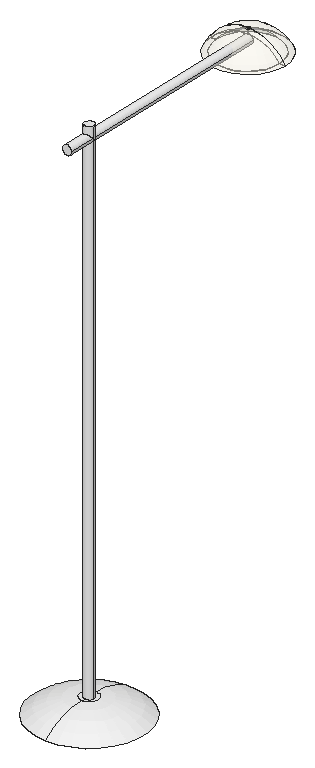
Revit family
Parameters (values of type "150 watt Halogen")
  Wattage = 18.1767 W
  built-in parameter 1150110 = 1 (stored number, unit not read)
  built-in parameter 1114217 = 1 (stored number, unit not read)
  built-in parameter 1150109 = 1 (stored number, unit not read)
  built-in parameter 1150134 = 3
  built-in parameter 1150113 = 1 (stored number, unit not read)
  built-in parameter 1150105 = 214.86 (stored number, unit not read)
  built-in parameter 1150115 = 1 (stored number, unit not read)
  Light Source Symbol Size = 609.60 mm
  built-in parameter 1150137 = (empty or 0)
  built-in parameter 1150139 = (empty or 0)
  built-in parameter 1150112 = 1 (stored number, unit not read)
  built-in parameter 1150114 = 1 (stored number, unit not read)
  Lamp = "Halogen"
  Lumens = 2700 lm
  Material Shade = Glass - Frosted
  Material Stand = Metal - Chrome
  Wattage Comments = "150"
  Keynote = "V"
  built-in parameter 1150132 = 2
  built-in parameter 1150102 = (empty or 0)
  built-in parameter 1150107 = 3200 (stored number, unit not read)
  built-in parameter 1150138 = (empty or 0)
  built-in parameter 1150106 = 2.1486 (stored number, unit not read)
  built-in parameter 1150104 = 13.8 (stored number, unit not read)
  Dimming Lamp Color Temperature Shift = (empty or 0)
  Color Filter = 16777215
  built-in parameter 1114218 = 1 (stored number, unit not read)
  built-in parameter 1150133 = 10 (stored number, unit not read)
Types (3, lengths in mm): name | Wattage | built-in parameter 1150105 | Lumens | Wattage Comments | built-in parameter 1150106
  (no name) | 18.1767 W | 214.86 (stored number, unit not read) | 2700 lm | "150" | 2.1486 (stored number, unit not read)
  100 watt Halogen | 12.1178 W | 143.24 (stored number, unit not read) | 1800 lm | "100" | 1.4324 (stored number, unit not read)
  150 watt Halogen | 18.1767 W | 214.86 (stored number, unit not read) | 2700 lm | "150" | 2.1486 (stored number, unit not read)
Reference planes
  plane 1: y = 0
  plane 2: z = 0
  plane 3 "Light Source Axis": x = 0
  plane 4 "Light Source Elevation": z = 1422.4
  plane 5 "Light Source Axis": y = 558.8
Forms (mm)
  Revolve 1, solid, material "Metal - Chrome" <- "Material Stand"
    sketch origin (0, 0, 0) x (0, 1, 0) y (0, 0, 1)
      loop
        line (2.467, 0) -> (152.4, 0)
        arc (152.4, 0) -> (92.764, 33.396) -> (25.4, 44.971) r 201.812
        line (25.4, 44.971) -> (2.467, 44.971) -> (2.467, 0)
      axis (0, 0) -> (0, 44.971)
    angle from 0 to 360
  Extrusion 2, solid, material "Metal - Chrome" <- "Material Stand"
    sketch origin (0, 0, 0) x (1, 0, 0) y (0, 1, 0)
      loop
        circle (0, 0) r 13.052
    from 44.638 to 1485.9
  Extrusion 3, solid, material "Metal - Chrome" <- "Material Stand"
    sketch origin (0, 0, 0) x (-1, 0, 0) y (0, 0, 1)
      loop
        circle (-0.158, 1454.15) r 12.7
    from -76.2 to 558.8
  Revolve 4, solid, material "Glass - Frosted" <- "Material Shade"
    sketch origin (0, 558.8, 0) x (-1, 0, 0) y (0, 0, 1)
      loop
        line (88.144, 1422.4) -> (104.079, 1422.4)
        arc (104.079, 1422.4) -> (63.857, 1465.99) -> (6.777, 1482.106) r 109.139
        line (6.777, 1482.106) -> (0.635, 1482.106) -> (0.635, 1466.231)
        arc (0.635, 1466.231) -> (50.165, 1455.846) -> (88.144, 1422.4) r 99.299
      axis (-0.158, 1422.4) -> (-0.158, 1482.106)
    angle from 0 to 360
Lines and regions (mm)
  symbolic lines
    curve 1: arc (25.608, 0, 0) -> (0, 25.608, 0) -> (-25.608, 0, 0) r 25.608
    curve 2: arc (-25.608, 0, 0) -> (0, -25.608, 0) -> (25.608, 0, 0) r 25.608
    curve 3: arc (152.4, 0, 0) -> (0, 152.4, 0) -> (-152.4, 0, 0) r 152.4
    curve 5: line (0, -76.332, 0) -> (0, 457.086, 0)
    curve 6: arc (101.714, 558.8, 0) -> (0, 660.514, 0) -> (-101.714, 558.8, 0) r 101.714
    curve 7: arc (-101.714, 558.8, 0) -> (0, 457.086, 0) -> (101.714, 558.8, 0) r 101.714
  symbolic lines, style "LightingFixtures"
    curve 4: arc (-152.4, 0, 0) -> (0, -152.4, 0) -> (152.4, 0, 0) r 152.4
Dimensions and locks
  plane 1 to curve 7 = 558.80 mm
  locked: plane 4 "Light Source Elevation" to Extrusion 3 sketch curve at 31.75
  locked: Revolve 4 sketch curve to plane 4 "Light Source Elevation" at 49.433
  locked: Revolve 4 sketch curve to plane 4 "Light Source Elevation" at 55.339
  locked: plane 4 "Light Source Elevation" to Extrusion 2 at 63.5
  plane 2 to plane 4 "Light Source Elevation" = 1422.40 mm
  aligned and locked: plane 3 "Light Source Axis" to curve 5
  aligned and locked: plane 3 "Light Source Axis" to imposter light
  aligned and locked: plane 5 "Light Source Axis" to imposter light
  aligned and locked: plane 4 "Light Source Elevation" to imposter light
